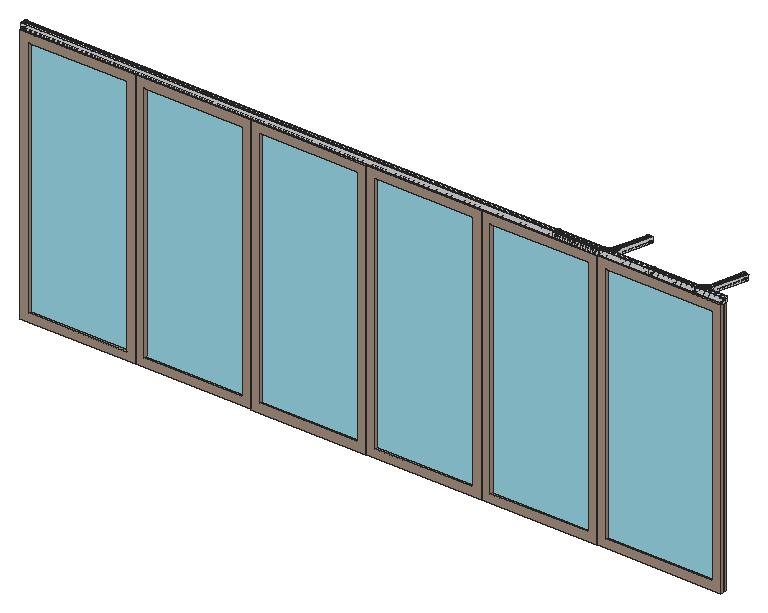
Revit family "RAYDOOR-SSPA5PV1", category Doors, host Wall, Revit 2016
Family settings
  Host = Wall
  Always vertical = Yes
  Cut with Voids When Loaded = No
  Shared = No
  Room Calculation Point = No
Parameters (values of type "250"x95"")
  URL = "www.raydoor.com"
  Type Image = SSPAPV.jpg
  Thickness = 2 1/4"  # constant formula
  Rough Width = 1"  # constant formula
  Rough Height = (Width - 4") / 6  # 41"
  Pivot Panel 2 = Rough Height + 3 21/32"  # 44 21/32"
  Pivot Panel = Rough Height + 3"  # 44"
  Panel = Rough Height + 3/32"  # 41 3/32"
  Operation = "sliding+pivot"  # constant formula
  Model = "SSPAPV"
  Function = Interior
  Door Material = Door - Panel
  Panel Material = Glass, Cast, Gray
  Height = 95"
  Trim Projection Ext = 63/64"  # constant formula
  Typ = 3"  # constant formula
  Wall Closure = By host
  Width = 250"
  Assembly Code = "SSPA5PV1"
Reference planes (in)
  plane 1: y = 0.00227
  plane 2: z = 0
  plane 3: x = 82.5
  plane 4: x = -42.5
  plane 5: x = 207.5
  plane 6: z = 95
  plane 7: x = 204.5
  plane 8: x = 206
  plane 9: x = -41
  plane 10: x = -39.5
  plane 11: y = -1.12355
  plane 12: y = 1.12645
  plane 13: z = 92.78125
  plane 14: x = 83.71875
  plane 15: x = 82.21875
  plane 16: x = 77.71875
  plane 17: x = 79.21875
  plane 18: x = 161.34375
  plane 19: x = 162.84375
  plane 20: x = 159.84375
  plane 21: x = 120.28125
  plane 22: x = 121.78125
  plane 23: x = 118.78125
  plane 24: x = -2.90625
  plane 25: x = -1.40625
  plane 26: x = -4.40625
  plane 27: x = 38.15625
  plane 28: x = 39.65625
  plane 29: x = 36.65625
  plane 30: x = 41.15625
  plane 31: x = 42.65625
  plane 32: x = 0.09375
  plane 33: x = 1.59375
  plane 34: x = 123.28125
  plane 35: x = 124.78125
  plane 36: x = 164.34375
  plane 37: x = 165.84375
  plane 38: x = 80.71875
Forms (in)
  Extrusion 1, solid, material "Door - Panel" <- "Door Material"
    sketch origin (-58, 3.87418, 0.25) x (1, 0, 0) y (0, 0, 1)
      loop
        line (138.75, 92.53125) -> (138.75, 0.375) -> (179.75, 0.375) -> (179.75, 92.53125) -> (138.75, 92.53125)
      loop
        line (141.75, 89.53125) -> (141.75, 3.375) -> (176.75, 3.375) -> (176.75, 89.53125) -> (141.75, 89.53125)
    from 2.74773 to 4.99773
  Extrusion 2, solid, material "Glass, Cast, Gray" <- "Panel Material"
    sketch origin (-57.74997, -26.22787, 0.25) x (1, 0, 0) y (0, 0, 1)
      loop
        line (138.49997, 92.53125) -> (138.49997, 0.375) -> (179.49997, 0.375) -> (179.49997, 92.53125) -> (138.49997, 92.53125)
    from -26.35104 to -26.10268
  Extrusion 3, solid, material "UHMW, White"
    sketch origin (0, 40.4202, -9.0893) x (0, 1, 0) y (0, 0, 1)
      loop
        arc (-39.68171, 103.71529) -> (-39.61212, 103.68646) -> (-39.58329, 103.61686) r 0.09843
        line (-39.58329, 103.61686) -> (-39.58329, 102.83537)
        arc (-39.58329, 102.83537) -> (-39.61289, 102.79387) -> (-39.66373, 102.79009) r 0.06004
        line (-39.66373, 102.79009) -> (-40.08329, 102.79009)
        arc (-40.08329, 102.79009) -> (-40.09721, 102.78433) -> (-40.10297, 102.77041) r 0.01969
        line (-40.10297, 102.77041) -> (-40.10297, 102.41607) -> (-40.04392, 102.41607)
        arc (-40.04392, 102.41607) -> (-40.03, 102.42184) -> (-40.02423, 102.43576) r 0.01969
        line (-40.02423, 102.43576) -> (-40.02423, 102.63261)
        arc (-40.02423, 102.63261) -> (-40.01847, 102.64653) -> (-40.00455, 102.6523) r 0.01969
        line (-40.00455, 102.6523) -> (-39.55179, 102.6523) -> (-39.55179, 102.21922)
        arc (-39.55179, 102.21922) -> (-39.55756, 102.20531) -> (-39.57148, 102.19954) r 0.01969
        line (-39.57148, 102.19954) -> (-40.07345, 102.19954)
        arc (-40.07345, 102.19954) -> (-40.10297, 102.16017) -> (-40.07345, 102.1208) r 0.04101
        line (-40.07345, 102.1208) -> (-39.51242, 102.1208)
        arc (-39.51242, 102.1208) -> (-39.48458, 102.13233) -> (-39.47305, 102.16017) r 0.03937
        line (-39.47305, 102.16017) -> (-39.47305, 104.05943)
        arc (-39.47305, 104.05943) -> (-39.4818, 104.08055) -> (-39.50292, 104.0893) r 0.02987
        line (-39.50292, 104.0893) -> (-39.55179, 104.0893) -> (-39.55179, 103.82552) -> (-40.02423, 103.82552) -> (-40.02423, 103.91214) -> (-39.95337, 103.91214) -> (-39.95337, 103.983) -> (-40.07345, 103.983)
        arc (-40.07345, 103.983) -> (-40.09433, 103.97436) -> (-40.10297, 103.95348) r 0.02953
        line (-40.10297, 103.95348) -> (-40.10297, 103.73497)
        arc (-40.10297, 103.73497) -> (-40.09721, 103.72105) -> (-40.08329, 103.71529) r 0.01969
        line (-40.08329, 103.71529) -> (-39.68171, 103.71529)
      loop
        line (-39.55967, 104.0893) -> (-41.2762, 104.0893) -> (-41.2762, 103.99088) -> (-41.20534, 103.99088) -> (-41.20534, 103.89998) -> (-41.2762, 103.89998) -> (-41.2762, 103.84127) -> (-40.81951, 103.84127) -> (-40.81951, 103.89998) -> (-40.89038, 103.89998) -> (-40.89038, 103.99088) -> (-40.75555, 103.99088)
        arc (-40.75555, 103.99088) -> (-40.73784, 103.98498) -> (-40.72721, 103.96964) r 0.02953
        line (-40.72721, 103.96964) -> (-40.70559, 103.89245) -> (-40.13028, 103.89245) -> (-40.10866, 103.96964)
        arc (-40.10866, 103.96964) -> (-40.09803, 103.98498) -> (-40.08032, 103.99088) r 0.02953
        line (-40.08032, 103.99088) -> (-39.94549, 103.99088) -> (-39.94549, 103.89998) -> (-40.01636, 103.89998) -> (-40.01636, 103.84127) -> (-39.55967, 103.84127) -> (-39.55967, 103.89998) -> (-39.63053, 103.89998) -> (-39.63053, 103.99088) -> (-39.55967, 103.99088) -> (-39.55967, 104.0893)
      loop
        line (-41.15416, 103.71529) -> (-40.75258, 103.71529)
        arc (-40.75258, 103.71529) -> (-40.73866, 103.72105) -> (-40.7329, 103.73497) r 0.01969
        line (-40.7329, 103.73497) -> (-40.7329, 103.95348)
        arc (-40.7329, 103.95348) -> (-40.74154, 103.97436) -> (-40.76242, 103.983) r 0.02953
        line (-40.76242, 103.983) -> (-40.8825, 103.983) -> (-40.8825, 103.91214) -> (-40.81164, 103.91214) -> (-40.81164, 103.82552) -> (-41.28408, 103.82552) -> (-41.28408, 104.0893) -> (-41.33295, 104.0893)
        arc (-41.33295, 104.0893) -> (-41.35407, 104.08055) -> (-41.36282, 104.05943) r 0.02987
        line (-41.36282, 104.05943) -> (-41.36282, 102.16017)
        arc (-41.36282, 102.16017) -> (-41.35129, 102.13233) -> (-41.32345, 102.1208) r 0.03937
        line (-41.32345, 102.1208) -> (-40.76242, 102.1208)
        arc (-40.76242, 102.1208) -> (-40.7329, 102.16017) -> (-40.76242, 102.19954) r 0.04101
        line (-40.76242, 102.19954) -> (-41.26439, 102.19954)
        arc (-41.26439, 102.19954) -> (-41.27831, 102.20531) -> (-41.28408, 102.21922) r 0.01969
        line (-41.28408, 102.21922) -> (-41.28408, 102.6523) -> (-40.83132, 102.6523)
        arc (-40.83132, 102.6523) -> (-40.8174, 102.64653) -> (-40.81164, 102.63261) r 0.01969
        line (-40.81164, 102.63261) -> (-40.81164, 102.43576)
        arc (-40.81164, 102.43576) -> (-40.80587, 102.42184) -> (-40.79195, 102.41607) r 0.01969
        line (-40.79195, 102.41607) -> (-40.7329, 102.41607) -> (-40.7329, 102.77041)
        arc (-40.7329, 102.77041) -> (-40.73866, 102.78433) -> (-40.75258, 102.79009) r 0.01969
        line (-40.75258, 102.79009) -> (-41.17214, 102.79009)
        arc (-41.17214, 102.79009) -> (-41.22298, 102.79387) -> (-41.25258, 102.83537) r 0.06004
        line (-41.25258, 102.83537) -> (-41.25258, 103.61686)
        arc (-41.25258, 103.61686) -> (-41.22375, 103.68646) -> (-41.15416, 103.71529) r 0.09843
    from -42.5 to 207.5
  Extrusion 4, solid, material "UHMW, White"
    sketch origin (-92.86615, -11.16274, 94.125) x (0, -1, 0) y (1, 0, 0)
      loop
        circle (-11.16501, 176.86615) r 0.125
    from -1.34375 to 0.875
  Extrusion 5, void
    sketch origin (-195.25, -5.58383, 0.25) x (1, 0, 0) y (0, 0, 1)
      loop
        line (152.75, -0.25) -> (402.75, -0.25) -> (402.75, 94.75) -> (152.75, 94.75) -> (152.75, -0.25)
    from -8.08609 to -3.08609
  Extrusion 6, solid, material "Door - Panel" <- "Door Material"
    sketch origin (-99, 3.87418, 0.25) x (1, 0, 0) y (0, 0, 1)
      loop
        line (138.6875, 92.53125) -> (138.6875, 0.375) -> (179.6875, 0.375) -> (179.6875, 92.53125) -> (138.6875, 92.53125)
      loop
        line (141.6875, 89.53125) -> (141.6875, 3.375) -> (176.6875, 3.375) -> (176.6875, 89.53125) -> (141.6875, 89.53125)
    from 2.74773 to 4.99773
  Extrusion 7, solid, material "Glass, Cast, Gray" <- "Panel Material"
    sketch origin (-98.84169, -25.60041, 0.25) x (1, 0, 0) y (0, 0, 1)
      loop
        line (138.52919, 92.53125) -> (138.52919, 0.375) -> (179.52919, 0.375) -> (179.52919, 92.53125) -> (138.52919, 92.53125)
    from -25.72358 to -25.47522
  Extrusion 8, solid, material "UHMW, White"
    sketch origin (-95.86615, -11.16274, 94.125) x (0, -1, 0) y (1, 0, 0)
      loop
        circle (-11.16501, 175.0849) r 0.125
    from -1.34375 to 0.875
  Sweep 9, solid, material "UHMW, White"
    path origin (0, 0, 0) x (1, 0, 0) y (0, 1, 0)
      loop
        line (168.84375, 14.31395) -> (165.7338, 2.70745)
        arc (165.7338, 2.70745) -> (164.88553, 1.43793) -> (163.43973, 0.94715) r 2.375
        line (163.43973, 0.94715) -> (147.10062, 0.94715)
    profile origin (155.27017, 0.94715, 0) x (0, -1, 0) y (0, 0, 1)
      loop
        line (0.11024, 93.74606) -> (0.11024, 94.52756)
        arc (0.11024, 94.52756) -> (0.13906, 94.59716) -> (0.20866, 94.62598) r 0.09843
        line (0.20866, 94.62598) -> (0.61024, 94.62598)
        arc (0.61024, 94.62598) -> (0.62415, 94.63175) -> (0.62992, 94.64567) r 0.01969
        line (0.62992, 94.64567) -> (0.62992, 94.86417)
        arc (0.62992, 94.86417) -> (0.62127, 94.88505) -> (0.60039, 94.8937) r 0.02953
        line (0.60039, 94.8937) -> (0.48031, 94.8937) -> (0.48031, 94.82283) -> (0.55118, 94.82283) -> (0.55118, 94.73622) -> (0.07874, 94.73622) -> (0.07874, 95) -> (0.02987, 95)
        arc (0.02987, 95) -> (0.00875, 94.99125) -> (0, 94.97013) r 0.02987
        line (0, 94.97013) -> (0, 93.07087)
        arc (0, 93.07087) -> (0.01153, 93.04303) -> (0.03937, 93.0315) r 0.03937
        line (0.03937, 93.0315) -> (0.60039, 93.0315)
        arc (0.60039, 93.0315) -> (0.62992, 93.07087) -> (0.60039, 93.11024) r 0.04101
        line (0.60039, 93.11024) -> (0.09842, 93.11024)
        arc (0.09842, 93.11024) -> (0.0845, 93.116) -> (0.07874, 93.12992) r 0.01969
        line (0.07874, 93.12992) -> (0.07874, 93.56299) -> (0.5315, 93.56299)
        arc (0.5315, 93.56299) -> (0.54541, 93.55723) -> (0.55118, 93.54331) r 0.01969
        line (0.55118, 93.54331) -> (0.55118, 93.34646)
        arc (0.55118, 93.34646) -> (0.55695, 93.33254) -> (0.57087, 93.32677) r 0.01969
        line (0.57087, 93.32677) -> (0.62992, 93.32677) -> (0.62992, 93.6811)
        arc (0.62992, 93.6811) -> (0.62415, 93.69502) -> (0.61024, 93.70079) r 0.01969
        line (0.61024, 93.70079) -> (0.19067, 93.70079)
        arc (0.19067, 93.70079) -> (0.13984, 93.70457) -> (0.11024, 93.74606) r 0.06004
      loop
        line (1.77953, 94.52756) -> (1.77953, 93.74606)
        arc (1.77953, 93.74606) -> (1.74992, 93.70457) -> (1.69909, 93.70079) r 0.06004
        line (1.69909, 93.70079) -> (1.27953, 93.70079)
        arc (1.27953, 93.70079) -> (1.26561, 93.69502) -> (1.25984, 93.6811) r 0.01969
        line (1.25984, 93.6811) -> (1.25984, 93.32677) -> (1.3189, 93.32677)
        arc (1.3189, 93.32677) -> (1.33282, 93.33254) -> (1.33858, 93.34646) r 0.01969
        line (1.33858, 93.34646) -> (1.33858, 93.54331)
        arc (1.33858, 93.54331) -> (1.34435, 93.55723) -> (1.35827, 93.56299) r 0.01969
        line (1.35827, 93.56299) -> (1.81102, 93.56299) -> (1.81102, 93.12992)
        arc (1.81102, 93.12992) -> (1.80526, 93.116) -> (1.79134, 93.11024) r 0.01969
        line (1.79134, 93.11024) -> (1.28937, 93.11024)
        arc (1.28937, 93.11024) -> (1.25984, 93.07087) -> (1.28937, 93.0315) r 0.04101
        line (1.28937, 93.0315) -> (1.85039, 93.0315)
        arc (1.85039, 93.0315) -> (1.87823, 93.04303) -> (1.88976, 93.07087) r 0.03937
        line (1.88976, 93.07087) -> (1.88976, 94.97013)
        arc (1.88976, 94.97013) -> (1.88102, 94.99125) -> (1.85989, 95) r 0.02987
        line (1.85989, 95) -> (1.81102, 95) -> (1.81102, 94.73622) -> (1.33858, 94.73622) -> (1.33858, 94.82283) -> (1.40945, 94.82283) -> (1.40945, 94.8937) -> (1.28937, 94.8937)
        arc (1.28937, 94.8937) -> (1.26849, 94.88505) -> (1.25984, 94.86417) r 0.02953
        line (1.25984, 94.86417) -> (1.25984, 94.64567)
        arc (1.25984, 94.64567) -> (1.26561, 94.63175) -> (1.27953, 94.62598) r 0.01969
        line (1.27953, 94.62598) -> (1.6811, 94.62598)
        arc (1.6811, 94.62598) -> (1.7507, 94.59716) -> (1.77953, 94.52756) r 0.09843
      loop
        line (0.65723, 94.80315) -> (1.23253, 94.80315) -> (1.25416, 94.88034)
        arc (1.25416, 94.88034) -> (1.26479, 94.89568) -> (1.2825, 94.90157) r 0.02953
        line (1.2825, 94.90157) -> (1.41732, 94.90157) -> (1.41732, 94.81067) -> (1.34646, 94.81067) -> (1.34646, 94.75197) -> (1.80315, 94.75197) -> (1.80315, 94.81067) -> (1.73228, 94.81067) -> (1.73228, 94.90157) -> (1.80315, 94.90157) -> (1.80315, 95) -> (0.08661, 95) -> (0.08661, 94.90157) -> (0.15748, 94.90157) -> (0.15748, 94.81067) -> (0.08661, 94.81067) -> (0.08661, 94.75197) -> (0.54331, 94.75197) -> (0.54331, 94.81067) -> (0.47244, 94.81067) -> (0.47244, 94.90157) -> (0.60726, 94.90157)
        arc (0.60726, 94.90157) -> (0.62497, 94.89568) -> (0.6356, 94.88034) r 0.02953
        line (0.6356, 94.88034) -> (0.65723, 94.80315)
  Extrusion 10, solid, material "UHMW, White"
    sketch origin (-133.71465, -11.16274, 94.125) x (0, -1, 0) y (1, 0, 0)
      loop
        circle (-11.16501, 174.8709) r 0.125
    from -1.34375 to 0.875
  Extrusion 11, solid, material "UHMW, White"
    sketch origin (-54.96465, -11.16274, 94.125) x (0, -1, 0) y (1, 0, 0)
      loop
        circle (-11.16501, 175.2459) r 0.125
    from -1.34375 to 0.875
  Extrusion 12, solid, material "Door - Panel" <- "Door Material"
    sketch origin (-156, 3.87418, 0.25) x (1, 0, 0) y (0, 0, 1)
      loop
        line (154.625, 92.53125) -> (154.625, 0.375) -> (195.625, 0.375) -> (195.625, 92.53125) -> (154.625, 92.53125)
      loop
        line (157.625, 89.53125) -> (157.625, 3.375) -> (192.625, 3.375) -> (192.625, 89.53125) -> (157.625, 89.53125)
    from 2.74773 to 4.99773
  Extrusion 13, solid, material "Glass, Cast, Gray" <- "Panel Material"
    sketch origin (-155.84169, -25.60041, 0.25) x (1, 0, 0) y (0, 0, 1)
      loop
        line (154.46669, 92.53125) -> (154.46669, 0.375) -> (195.46669, 0.375) -> (195.46669, 92.53125) -> (154.46669, 92.53125)
    from -25.72358 to -25.47522
  Extrusion 14, solid, material "UHMW, White"
    sketch origin (-137.03282, -11.16274, 94.125) x (0, -1, 0) y (1, 0, 0)
      loop
        circle (-11.16501, 175.18907) r 0.125
    from -1.34375 to 0.875
  Extrusion 15, solid, material "UHMW, White"
    sketch origin (-174.88132, -11.16274, 94.125) x (0, -1, 0) y (1, 0, 0)
      loop
        circle (-11.16501, 174.97507) r 0.125
    from -1.34375 to 0.875
  Extrusion 16, solid, material "Door - Panel" <- "Door Material"
    sketch origin (-282, 3.87418, 0.25) x (1, 0, 0) y (0, 0, 1)
      loop
        line (239.5625, 92.53125) -> (239.5625, 0.375) -> (280.5625, 0.375) -> (280.5625, 92.53125) -> (239.5625, 92.53125)
      loop
        line (242.5625, 89.53125) -> (242.5625, 3.375) -> (277.5625, 3.375) -> (277.5625, 89.53125) -> (242.5625, 89.53125)
    from 2.74773 to 4.99773
  Extrusion 17, solid, material "Glass, Cast, Gray" <- "Panel Material"
    sketch origin (-281.84169, -25.60041, 0.25) x (1, 0, 0) y (0, 0, 1)
      loop
        line (239.40419, 92.53125) -> (239.40419, 0.375) -> (280.40419, 0.375) -> (280.40419, 92.53125) -> (239.40419, 92.53125)
    from -25.72358 to -25.47522
  Extrusion 18, solid, material "UHMW, White"
    sketch origin (-178.19949, -11.16274, 94.125) x (0, -1, 0) y (1, 0, 0)
      loop
        circle (-11.16501, 175.29324) r 0.125
    from -1.34375 to 0.875
  Extrusion 19, solid, material "UHMW, White"
    sketch origin (27.63385, -11.16274, 94.125) x (0, -1, 0) y (1, 0, 0)
      loop
        circle (-11.16501, 178.36615) r 0.125
    from -1.34375 to 0.875
  Extrusion 20, solid, material "UHMW, White"
    sketch origin (-13.53282, -11.16274, 94.125) x (0, -1, 0) y (1, 0, 0)
      loop
        circle (-11.16501, 174.87657) r 0.125
    from -1.34375 to 0.875
  Extrusion 21, solid, material "UHMW, White"
    sketch origin (-51.38132, -11.16274, 94.125) x (0, -1, 0) y (1, 0, 0)
      loop
        circle (-11.16501, 174.66257) r 0.125
    from -1.34375 to 0.875
  Extrusion 22, solid, material "Door - Panel" <- "Door Material"
    sketch origin (-13, 3.87418, 0.25) x (1, 0, 0) y (0, 0, 1)
      loop
        line (134.8125, 92.53125) -> (134.8125, 0.375) -> (175.8125, 0.375) -> (175.8125, 92.53125) -> (134.8125, 92.53125)
      loop
        line (137.8125, 89.53125) -> (137.8125, 3.375) -> (172.8125, 3.375) -> (172.8125, 89.53125) -> (137.8125, 89.53125)
    from 2.74773 to 4.99773
  Extrusion 23, solid, material "Glass, Cast, Gray" <- "Panel Material"
    sketch origin (-12.74997, -26.22787, 0.25) x (1, 0, 0) y (0, 0, 1)
      loop
        line (134.56247, 92.53125) -> (134.56247, 0.375) -> (175.56247, 0.375) -> (175.56247, 92.53125) -> (134.56247, 92.53125)
    from -26.35104 to -26.10268
  Extrusion 24, solid, material "Door - Panel" <- "Door Material"
    sketch origin (29, 3.87418, 0.25) x (1, 0, 0) y (0, 0, 1)
      loop
        line (134, 92.53125) -> (134, 0.375) -> (178, 0.375) -> (178, 92.53125) -> (134, 92.53125)
      loop
        line (137, 89.53125) -> (137, 3.375) -> (175, 3.375) -> (175, 89.53125) -> (137, 89.53125)
    from 2.74773 to 4.99773
  Extrusion 25, solid, material "Glass, Cast, Gray" <- "Panel Material"
    sketch origin (29.25003, -26.22787, 0.25) x (1, 0, 0) y (0, 0, 1)
      loop
        line (133.74997, 92.53125) -> (133.74997, 0.375) -> (177.74997, 0.375) -> (177.74997, 92.53125) -> (133.74997, 92.53125)
    from -26.35104 to -26.10268
  Extrusion 26, solid, material "UHMW, White"
    sketch origin (-216.2685, -11.16274, 94.125) x (0, -1, 0) y (1, 0, 0)
      loop
        circle (-11.16501, 175.2685) r 0.125
    from -1.34375 to 0.875
  Sweep 27, solid, material "UHMW, White"
    path origin (34.03125, 0, 0) x (1, 0, 0) y (0, 1, 0)
      loop
        line (168.84375, 14.31395) -> (165.7338, 2.70745)
        arc (165.7338, 2.70745) -> (164.88553, 1.43793) -> (163.43973, 0.94715) r 2.375
        line (163.43973, 0.94715) -> (147.10062, 0.94715)
    profile origin (189.30142, 0.94715, 0) x (0, -1, 0) y (0, 0, 1)
      loop
        line (0.11024, 93.74606) -> (0.11024, 94.52756)
        arc (0.11024, 94.52756) -> (0.13906, 94.59716) -> (0.20866, 94.62598) r 0.09843
        line (0.20866, 94.62598) -> (0.61024, 94.62598)
        arc (0.61024, 94.62598) -> (0.62415, 94.63175) -> (0.62992, 94.64567) r 0.01969
        line (0.62992, 94.64567) -> (0.62992, 94.86417)
        arc (0.62992, 94.86417) -> (0.62127, 94.88505) -> (0.60039, 94.8937) r 0.02953
        line (0.60039, 94.8937) -> (0.48031, 94.8937) -> (0.48031, 94.82283) -> (0.55118, 94.82283) -> (0.55118, 94.73622) -> (0.07874, 94.73622) -> (0.07874, 95) -> (0.02987, 95)
        arc (0.02987, 95) -> (0.00875, 94.99125) -> (0, 94.97013) r 0.02987
        line (0, 94.97013) -> (0, 93.07087)
        arc (0, 93.07087) -> (0.01153, 93.04303) -> (0.03937, 93.0315) r 0.03937
        line (0.03937, 93.0315) -> (0.60039, 93.0315)
        arc (0.60039, 93.0315) -> (0.62992, 93.07087) -> (0.60039, 93.11024) r 0.04101
        line (0.60039, 93.11024) -> (0.09842, 93.11024)
        arc (0.09842, 93.11024) -> (0.0845, 93.116) -> (0.07874, 93.12992) r 0.01969
        line (0.07874, 93.12992) -> (0.07874, 93.56299) -> (0.5315, 93.56299)
        arc (0.5315, 93.56299) -> (0.54541, 93.55723) -> (0.55118, 93.54331) r 0.01969
        line (0.55118, 93.54331) -> (0.55118, 93.34646)
        arc (0.55118, 93.34646) -> (0.55695, 93.33254) -> (0.57087, 93.32677) r 0.01969
        line (0.57087, 93.32677) -> (0.62992, 93.32677) -> (0.62992, 93.6811)
        arc (0.62992, 93.6811) -> (0.62415, 93.69502) -> (0.61024, 93.70079) r 0.01969
        line (0.61024, 93.70079) -> (0.19067, 93.70079)
        arc (0.19067, 93.70079) -> (0.13984, 93.70457) -> (0.11024, 93.74606) r 0.06004
      loop
        line (1.77953, 94.52756) -> (1.77953, 93.74606)
        arc (1.77953, 93.74606) -> (1.74992, 93.70457) -> (1.69909, 93.70079) r 0.06004
        line (1.69909, 93.70079) -> (1.27953, 93.70079)
        arc (1.27953, 93.70079) -> (1.26561, 93.69502) -> (1.25984, 93.6811) r 0.01969
        line (1.25984, 93.6811) -> (1.25984, 93.32677) -> (1.3189, 93.32677)
        arc (1.3189, 93.32677) -> (1.33282, 93.33254) -> (1.33858, 93.34646) r 0.01969
        line (1.33858, 93.34646) -> (1.33858, 93.54331)
        arc (1.33858, 93.54331) -> (1.34435, 93.55723) -> (1.35827, 93.56299) r 0.01969
        line (1.35827, 93.56299) -> (1.81102, 93.56299) -> (1.81102, 93.12992)
        arc (1.81102, 93.12992) -> (1.80526, 93.116) -> (1.79134, 93.11024) r 0.01969
        line (1.79134, 93.11024) -> (1.28937, 93.11024)
        arc (1.28937, 93.11024) -> (1.25984, 93.07087) -> (1.28937, 93.0315) r 0.04101
        line (1.28937, 93.0315) -> (1.85039, 93.0315)
        arc (1.85039, 93.0315) -> (1.87823, 93.04303) -> (1.88976, 93.07087) r 0.03937
        line (1.88976, 93.07087) -> (1.88976, 94.97013)
        arc (1.88976, 94.97013) -> (1.88102, 94.99125) -> (1.85989, 95) r 0.02987
        line (1.85989, 95) -> (1.81102, 95) -> (1.81102, 94.73622) -> (1.33858, 94.73622) -> (1.33858, 94.82283) -> (1.40945, 94.82283) -> (1.40945, 94.8937) -> (1.28937, 94.8937)
        arc (1.28937, 94.8937) -> (1.26849, 94.88505) -> (1.25984, 94.86417) r 0.02953
        line (1.25984, 94.86417) -> (1.25984, 94.64567)
        arc (1.25984, 94.64567) -> (1.26561, 94.63175) -> (1.27953, 94.62598) r 0.01969
        line (1.27953, 94.62598) -> (1.6811, 94.62598)
        arc (1.6811, 94.62598) -> (1.7507, 94.59716) -> (1.77953, 94.52756) r 0.09843
      loop
        line (0.65723, 94.80315) -> (1.23253, 94.80315) -> (1.25416, 94.88034)
        arc (1.25416, 94.88034) -> (1.26479, 94.89568) -> (1.2825, 94.90157) r 0.02953
        line (1.2825, 94.90157) -> (1.41732, 94.90157) -> (1.41732, 94.81067) -> (1.34646, 94.81067) -> (1.34646, 94.75197) -> (1.80315, 94.75197) -> (1.80315, 94.81067) -> (1.73228, 94.81067) -> (1.73228, 94.90157) -> (1.80315, 94.90157) -> (1.80315, 95) -> (0.08661, 95) -> (0.08661, 94.90157) -> (0.15748, 94.90157) -> (0.15748, 94.81067) -> (0.08661, 94.81067) -> (0.08661, 94.75197) -> (0.54331, 94.75197) -> (0.54331, 94.81067) -> (0.47244, 94.81067) -> (0.47244, 94.90157) -> (0.60726, 94.90157)
        arc (0.60726, 94.90157) -> (0.62497, 94.89568) -> (0.6356, 94.88034) r 0.02953
        line (0.6356, 94.88034) -> (0.65723, 94.80315)
Lines and regions (in)
  Masking region 1
    outline origin (0, 0, 0) x (1, 0, 0) y (0, 1, 0)
      loop
        line (204, 1.37645) -> (204, 3.62645) -> (163, 3.62645) -> (163, 1.37645) -> (204, 1.37645)
      loop
        line (207, 1.12645) -> (204.75, 1.12645) -> (204.75, -42.87355) -> (207, -42.87355) -> (207, 1.12645)
      loop
        line (204, 3.87645) -> (204, 6.12645) -> (163, 6.12645) -> (163, 3.87645) -> (204, 3.87645)
      loop
        line (204, 6.37645) -> (204, 8.62645) -> (163, 8.62645) -> (163, 6.37645) -> (204, 6.37645)
      loop
        line (204, 8.87645) -> (204, 11.12645) -> (163, 11.12645) -> (163, 8.87645) -> (204, 8.87645)
      loop
        line (204, 11.37645) -> (204, 13.62645) -> (163, 13.62645) -> (163, 11.37645) -> (204, 11.37645)
  model lines
    curve 1: line (-42.5, 2.50227, 0) -> (207.5, 2.50227, 0)
    curve 2: line (-42.5, -2.49773, 0) -> (207.5, -2.49773, 0)
  symbolic lines, style "Plan Swing"
    curve 3: line (96.50218, -11.05138, 0) -> (68.27125, -11.05138, 0)
    curve 4: line (68.27125, -11.05138, 0) -> (70.39258, -8.93006, 0)
    curve 5: line (96.50218, -12.57036, 0) -> (68.27125, -12.57036, 0)
    curve 6: line (94.38086, -14.69168, 0) -> (96.50218, -12.57036, 0)
    curve 14: line (57.61589, -5.49547, 37.98833) -> (61.14755, -5.49547, 41.51999)
  symbolic lines, style "Elevation Swing"
    curve 7: line (57.61589, 0, 37.98833) -> (107.40755, 0, 37.98833)
    curve 8: line (107.40755, 0, 32.79755) -> (57.61589, 0, 32.79755)
    curve 9: line (103.87202, 0, 29.26202) -> (107.40755, 0, 32.79755)
  symbolic lines, style "DoorsHiddenLines"
    curve 10: arc (207, -42.87485, 0) -> (176.35237, -31.11217, 0) -> (162.9987, -1.12355, 0) r 42.89106
    curve 11: line (202.95106, 14.29357, 0) -> (199.84111, 2.68707, 0)
    curve 12: arc (199.84111, 2.68707, 0) -> (198.96472, 1.37547, 0) -> (197.47098, 0.86841, 0) r 2.45374
    curve 15: line (168.99586, 14.27319, 0) -> (165.46993, 1.11422, 0)
  symbolic lines, style "InvisibleLines"
    curve 13: line (168.99586, 14.27319, 0) -> (170.66912, 13.82484, 0)
Text (in)
  text "Staking Area" at (209.56376, 29.89776, 0), in view "Ground floor"
Dimensions and locks (in)
  "Height": plane 6 to plane 2
  equal spacing: plane 7, plane 8, plane 5
  "Typ": plane 7 to plane 5
  "Typ": Extrusion 1 sketch curve to Extrusion 1 sketch curve  (x4)
  locked: Extrusion 2 to Extrusion 2 at 0.24836
  "Typ": plane 4 to plane 10
  "Thickness": plane 12 to plane 11
  equal spacing: plane 4, plane 9, plane 10
  locked: plane 3 to Extrusion 4 sketch curve at 1.625
  locked: plane 6 to plane 13 at 2.21875
  "Typ": plane 38 to plane 14
  equal spacing: plane 38, plane 15, plane 14
  "Typ": plane 38 to plane 16
  equal spacing: plane 38, plane 17, plane 16
  locked: Extrusion 4 sketch curve to plane 11 at 1.12582
  "Typ": Extrusion 6 sketch curve to Extrusion 6 sketch curve  (x4)
  locked: Extrusion 7 to Extrusion 7 at 0.24836
  "Typ": plane 20 to plane 19
  equal spacing: plane 20, plane 18, plane 19
  "Typ": plane 23 to plane 22
  equal spacing: plane 23, plane 21, plane 22
  "Typ": plane 26 to plane 25
  equal spacing: plane 26, plane 24, plane 25
  "Typ": plane 29 to plane 28
  equal spacing: plane 29, plane 27, plane 28
  "Typ": plane 28 to plane 31
  equal spacing: plane 28, plane 30, plane 31
  "Typ": plane 25 to plane 33
  equal spacing: plane 25, plane 32, plane 33
  "Typ": plane 22 to plane 35
  equal spacing: plane 22, plane 34, plane 35
  "Typ": plane 19 to plane 37
  equal spacing: plane 19, plane 36, plane 37
  locked: Masking region 1 sketch curve to plane 5 at 3.5
  "Rough Height": Masking region 1 sketch curve to Masking region 1 sketch curve
  "Thickness": Masking region 1 sketch curve to Masking region 1 sketch curve  (x6)
  locked: Extrusion 10 sketch curve to plane 30 at 0.125
  locked: Extrusion 11 sketch curve to plane 21 at 0.125
  "Typ": Extrusion 12 sketch curve to Extrusion 12 sketch curve  (x4)
  locked: Extrusion 13 to Extrusion 13 at 0.24836
  "Typ": Extrusion 16 sketch curve to Extrusion 16 sketch curve  (x4)
  locked: Extrusion 17 to Extrusion 17 at 0.24836
  locked: Extrusion 15 sketch curve to plane 32 at 0.125
  locked: Extrusion 14 sketch curve to plane 27 at 0.125
  locked: Extrusion 18 sketch curve to plane 24 at 0.125
  locked: Extrusion 21 sketch curve to plane 34 at 0.125
  "Typ": Extrusion 22 sketch curve to Extrusion 22 sketch curve  (x4)
  locked: Extrusion 23 to Extrusion 23 at 0.24836
  "Typ": Extrusion 24 sketch curve to Extrusion 24 sketch curve  (x4)
  locked: Extrusion 25 to Extrusion 25 at 0.24836
  "Width": plane 4 to plane 5
  Extrusion 16 to level = 5/8"
  Extrusion 3 to plane 6 = 1.9685"
  Extrusion 3 to Extrusion 3 = 1.88976"
  plane 13 to Extrusion 3 = 0.25025"
  plane 13 to plane 6 = 2 7/32"
  locked: plane 4 to Extrusion 16 sketch curve at 0.0625
  locked: Extrusion 24 sketch curve to plane 5 at 0.5
  locked: plane 19 to Extrusion 24 sketch curve at 0.15625
  locked: Extrusion 22 sketch curve to plane 19 at 0.03125
  locked: plane 22 to Extrusion 22 sketch curve at 0.03125
  locked: Extrusion 1 sketch curve to plane 22 at 0.03125
  locked: plane 38 to Extrusion 6 sketch curve at 0.03125
  locked: plane 28 to Extrusion 6 sketch curve at 0.03125
  locked: plane 25 to Extrusion 12 sketch curve at 0.03125
  locked: Extrusion 12 sketch curve to plane 28 at 0.03125
  "Pivot Panel": Masking region 1 sketch curve to Masking region 1 sketch curve
  equal spacing: plane 4, plane 3, plane 5
  locked: Masking region 1 sketch curve to plane 12 at 0.25
  locked: Masking region 1 sketch curve to Masking region 1 sketch curve at 0.25  (x4)
  locked: Extrusion 26 sketch curve to host wall at 0.125
  locked: plane 9 to Extrusion 26 sketch curve at 0.125
  locked: Sweep 9 sketch curve to plane 5 at 38.65625
  locked: Sweep 9 sketch curve to plane 12 at 13.1875
  locked: plane 12 to Sweep 27 sketch curve at 0.1793
  locked: Sweep 27 sketch curve to plane 5 at 4.625
  locked: Sweep 27 sketch curve to plane 12 at 13.1875
  locked: Extrusion 1 sketch curve to plane 38 at 0.03125
  "Panel": plane 4 to plane 25
  "Pivot Panel 2": plane 19 to plane 5
  equal spacing: plane 25, plane 28, plane 38, plane 22, plane 19
  diameter of Extrusion 4 sketch curve = 1/4"
  diameter of Extrusion 8 sketch curve = 1/4"
  radius of Sweep 9 sketch curve = 2 3/8"
  radius of Sweep 27 sketch curve = 2 3/8"
  locked: Sweep 9 sketch curve to Sweep 9 sketch curve (angle 105.00°)
  locked: Sweep 27 sketch curve to Sweep 27 sketch curve (angle 105.00°)
  aligned and locked: plane 5 to curve 1
  aligned and locked: Extrusion 1 to Extrusion 2
  aligned and locked: plane 4 to Extrusion 5
  aligned and locked: host wall to Extrusion 5  (x2)
  aligned and locked: Extrusion 5 to plane 5
  aligned and locked: level to Extrusion 5
  aligned and locked: Extrusion 6 to Extrusion 7
  aligned and locked: plane 13 to Extrusion 8
  aligned and locked: Extrusion 8 to plane 6
  aligned and locked: host wall to curve 2
  aligned and locked: Extrusion 4 to plane 6
  aligned and locked: plane 13 to Extrusion 4
  aligned and locked: Extrusion 6 to Extrusion 7 sketch curve
  aligned and locked: Extrusion 1 to Extrusion 2 sketch curve
  aligned and locked: plane 6 to Extrusion 3 sketch curve
  aligned and locked: plane 4 to Extrusion 3
  aligned and locked: Extrusion 3 to plane 5
  aligned and locked: plane 13 to Extrusion 10
  aligned and locked: Extrusion 10 to plane 6
  aligned and locked: plane 13 to Extrusion 11
  aligned and locked: Extrusion 11 to plane 6
  aligned and locked: Extrusion 12 to Extrusion 13
  aligned and locked: Extrusion 12 to Extrusion 13 sketch curve
  aligned and locked: Extrusion 16 to Extrusion 17
  aligned and locked: Extrusion 16 to Extrusion 17 sketch curve
  aligned and locked: Extrusion 12 to plane 13
  aligned and locked: plane 13 to Extrusion 15
  aligned and locked: Extrusion 15 to plane 6
  aligned and locked: Extrusion 14 to plane 6
  aligned and locked: plane 13 to Extrusion 14
  aligned and locked: plane 13 to Extrusion 18
  aligned and locked: Extrusion 18 to plane 6
  aligned and locked: Extrusion 16 to plane 13
  aligned and locked: Extrusion 21 to plane 6
  aligned and locked: plane 13 to Extrusion 21
  aligned and locked: Extrusion 20 to plane 6
  aligned and locked: Extrusion 19 to plane 6
  aligned and locked: plane 13 to Extrusion 19
  aligned and locked: plane 13 to Extrusion 20
  aligned and locked: Extrusion 22 to Extrusion 23
  aligned and locked: Extrusion 22 to Extrusion 23 sketch curve
  aligned and locked: Extrusion 24 to Extrusion 25
  aligned and locked: Extrusion 24 to Extrusion 25 sketch curve
  aligned and locked: Extrusion 22 to plane 13
  aligned and locked: Sweep 9 sketch curve to plane 6
  aligned and locked: Extrusion 23 to Extrusion 22  (x2)
  aligned and locked: Extrusion 7 to Extrusion 6  (x2)
  aligned and locked: Extrusion 13 to Extrusion 12  (x2)
  aligned and locked: Extrusion 17 to Extrusion 16  (x2)
  aligned and locked: Extrusion 2 to Extrusion 1  (x2)
  aligned and locked: Masking region 1 to Extrusion 24
  aligned and locked: Masking region 1 sketch curve to Extrusion 24
  aligned and locked: Masking region 1 sketch curve to Masking region 1 sketch curve  (x7)
  aligned and locked: plane 13 to Extrusion 26
  aligned and locked: Extrusion 26 to plane 6
  aligned and locked: Sweep 27 sketch curve to plane 6
  aligned and locked: curve 15 to Sweep 9
  aligned and locked: Sweep 9 to curve 13
Automatic sketch dimensions
  host wall to Extrusion 8 sketch curve = 0"
  Extrusion 8 sketch curve to plane 17 = 0"
  Sweep 9 sketch curve to plane 12 = 0.1793"
  host wall to Extrusion 10 sketch curve = 0"
  Extrusion 10 sketch curve to plane 30 = 0"
  host wall to Extrusion 11 sketch curve = 0"
  Extrusion 11 sketch curve to plane 21 = 0"
  host wall to Extrusion 14 sketch curve = 0"
  Extrusion 14 sketch curve to plane 27 = 0"
  host wall to Extrusion 15 sketch curve = 0"
  Extrusion 15 sketch curve to plane 32 = 0"
  host wall to Extrusion 18 sketch curve = 0"
  Extrusion 18 sketch curve to plane 24 = 0"
  host wall to Extrusion 19 sketch curve = 0"
  Extrusion 19 sketch curve to plane 8 = 0"
  host wall to Extrusion 20 sketch curve = 0"
  Extrusion 20 sketch curve to plane 18 = 0"
  host wall to Extrusion 21 sketch curve = 0"
  Extrusion 21 sketch curve to plane 34 = 0"
  host wall to Extrusion 26 sketch curve = 0"
  curve 1 to level = 0"
  plane 4 to curve 1 = 0"
  Extrusion 1 sketch curve to plane 13 = 0"
  level to Extrusion 1 sketch curve = 3 5/8"
  Extrusion 2 sketch curve to plane 13 = 0"
  plane 38 to Extrusion 2 sketch curve = 1/32"
  plane 22 to Extrusion 2 sketch curve = 1/32"
  plane 6 to Extrusion 3 sketch curve = 0"  (x2)
  plane 6 to Extrusion 3 sketch curve = 0.02987"
  plane 11 to Extrusion 3 sketch curve = 0.18094"
  Extrusion 3 sketch curve to Extrusion 3 sketch curve = 0.03937"  (x6)
  Extrusion 3 sketch curve to Extrusion 3 sketch curve = 0.04887"  (x2)
  plane 11 to Extrusion 3 sketch curve = 0.25968"
  Extrusion 3 sketch curve to Extrusion 3 sketch curve = 0.00787"  (x7)
  Extrusion 3 sketch curve to Extrusion 3 sketch curve = 0.01969"  (x6)
  Extrusion 3 sketch curve to Extrusion 3 sketch curve = 0.0315"
  Extrusion 3 sketch curve to Extrusion 3 sketch curve = 0.07087"  (x5)
  Extrusion 3 sketch curve to Extrusion 3 sketch curve = 0.05905"
  Extrusion 3 sketch curve to Extrusion 3 sketch curve = 0.02138"  (x2)
  Extrusion 3 sketch curve to Extrusion 3 sketch curve = 0.09843"  (x2)
  Extrusion 3 sketch curve to Extrusion 3 sketch curve = 0.31496"
  Extrusion 3 sketch curve to Extrusion 3 sketch curve = 0.34082"  (x2)
  Extrusion 3 sketch curve to Extrusion 3 sketch curve = 0.01804"
  Extrusion 3 sketch curve to Extrusion 3 sketch curve = 0.04921"  (x2)
  Extrusion 3 sketch curve to Extrusion 3 sketch curve = 0.01148"  (x2)
  Extrusion 3 sketch curve to Extrusion 3 sketch curve = 0.00687"  (x2)
  Extrusion 3 sketch curve to Extrusion 3 sketch curve = 0.07874"
  Extrusion 3 sketch curve to Extrusion 3 sketch curve = 0.05906"  (x5)
  Extrusion 3 sketch curve to Extrusion 3 sketch curve = 0.02266"  (x2)
  plane 6 to Extrusion 3 sketch curve = 0.11966"  (x2)
  Extrusion 3 sketch curve to Extrusion 3 sketch curve = 0.00568"  (x2)
  Extrusion 3 sketch curve to Extrusion 3 sketch curve = 0.02731"
  Extrusion 3 sketch curve to host wall = 0.28765"
  Extrusion 3 sketch curve to Extrusion 3 sketch curve = 0.02162"
  Extrusion 3 sketch curve to host wall = 0.31496"
  Extrusion 3 sketch curve to Extrusion 3 sketch curve = 0.02953"
  Extrusion 3 sketch curve to Extrusion 3 sketch curve = 0.26378"
  plane 6 to Extrusion 3 sketch curve = 0.09843"
  Extrusion 3 sketch curve to Extrusion 3 sketch curve = 0.05118"
  Extrusion 3 sketch curve to plane 12 = 0.27772"
  Extrusion 3 sketch curve to Extrusion 3 sketch curve = 0.11193"
  Extrusion 3 sketch curve to Extrusion 3 sketch curve = 0.00829"  (x2)
  Extrusion 3 sketch curve to Extrusion 3 sketch curve = 0.01616"  (x2)
  Extrusion 3 sketch curve to Extrusion 3 sketch curve = 0.04134"  (x2)
  Extrusion 3 sketch curve to Extrusion 3 sketch curve = 0.01216"  (x2)
  Extrusion 3 sketch curve to Extrusion 3 sketch curve = 0.0909"
  plane 6 to Extrusion 3 sketch curve = 0.18933"
  Extrusion 3 sketch curve to Extrusion 3 sketch curve = 0.06102"
  Extrusion 3 sketch curve to Extrusion 3 sketch curve = 0.05871"  (x2)
  Extrusion 3 sketch curve to Extrusion 3 sketch curve = 0.01575"  (x2)
  Extrusion 3 sketch curve to Extrusion 3 sketch curve = 0.09055"  (x2)
  Extrusion 3 sketch curve to Extrusion 3 sketch curve = 0.77067"  (x2)
  Extrusion 3 sketch curve to Extrusion 3 sketch curve = 0.01083"  (x2)
  Extrusion 3 sketch curve to Extrusion 3 sketch curve = 0.1378"  (x2)
  Extrusion 3 sketch curve to Extrusion 3 sketch curve = 0.19685"  (x2)
  Extrusion 3 sketch curve to plane 13 = 0.34867"  (x2)
  Extrusion 3 sketch curve to Extrusion 3 sketch curve = 0.06855"
  plane 4 to Extrusion 5 sketch curve = 0"
  plane 5 to Extrusion 5 sketch curve = 0"
  Extrusion 5 sketch curve to level = 0"
  Extrusion 5 sketch curve to plane 6 = 0"
  Extrusion 6 sketch curve to plane 13 = 0"
  level to Extrusion 6 sketch curve = 3 5/8"
  Extrusion 7 sketch curve to plane 13 = 0"
  Extrusion 7 sketch curve to plane 28 = 1/32"
  Extrusion 7 sketch curve to plane 38 = 1/32"
  curve 2 to level = 0"
  plane 5 to curve 2 = 0"
  plane 4 to curve 2 = 0"
  profile plane to Sweep 9 sketch curve = 0"
  Sweep 9 sketch curve to profile plane = 0.02987"
  Sweep 9 sketch curve to profile plane = 0.03937"
  Sweep 9 sketch curve to Sweep 9 sketch curve = 0.04887"  (x2)
  Sweep 9 sketch curve to profile plane = 0.07874"
  Sweep 9 sketch curve to Sweep 9 sketch curve = 0.00787"  (x8)
  Sweep 9 sketch curve to profile plane = 0.08661"
  Sweep 9 sketch curve to Sweep 9 sketch curve = 0.01969"  (x9)
  Sweep 9 sketch curve to profile plane = 0.11024"
  Sweep 9 sketch curve to Sweep 9 sketch curve = 0.07087"  (x4)
  Sweep 9 sketch curve to Sweep 9 sketch curve = 0.05905"  (x2)
  Sweep 9 sketch curve to Sweep 9 sketch curve = 0.02138"  (x2)
  Sweep 9 sketch curve to Sweep 9 sketch curve = 0.09843"  (x3)
  Sweep 9 sketch curve to Sweep 9 sketch curve = 0.31496"
  Sweep 9 sketch curve to Sweep 9 sketch curve = 0.34082"  (x2)
  Sweep 9 sketch curve to Sweep 9 sketch curve = 0.06299"  (x2)
  Sweep 9 sketch curve to Sweep 9 sketch curve = 0.01804"
  Sweep 9 sketch curve to Sweep 9 sketch curve = 0.01148"  (x3)
  Sweep 9 sketch curve to Sweep 9 sketch curve = 0.04921"
  Sweep 9 sketch curve to Sweep 9 sketch curve = 0.00687"  (x2)
  Sweep 9 sketch curve to Sweep 9 sketch curve = 0.07874"
  Sweep 9 sketch curve to Sweep 9 sketch curve = 0.05906"  (x5)
  Sweep 9 sketch curve to Sweep 9 sketch curve = 0.00568"
  Sweep 9 sketch curve to Sweep 9 sketch curve = 0.02731"  (x2)
  Sweep 9 sketch curve to Sweep 9 sketch curve = 0.57531"
  Sweep 9 sketch curve to Sweep 9 sketch curve = 0.02162"
  Sweep 9 sketch curve to Sweep 9 sketch curve = 0.62992"
  Sweep 9 sketch curve to Sweep 9 sketch curve = 0.02834"
  Sweep 9 sketch curve to Sweep 9 sketch curve = 0.02953"
  Sweep 9 sketch curve to Sweep 9 sketch curve = 0"  (x2)
  Sweep 9 sketch curve to Sweep 9 sketch curve = 0.26378"
  Sweep 9 sketch curve to Sweep 9 sketch curve = 0.05118"
  Sweep 9 sketch curve to Sweep 9 sketch curve = 0.49049"
  Sweep 9 sketch curve to Sweep 9 sketch curve = 0.11193"
  Sweep 9 sketch curve to Sweep 9 sketch curve = 0.02987"  (x3)
  Sweep 9 sketch curve to Sweep 9 sketch curve = 0.06855"
  Sweep 9 sketch curve to Sweep 9 sketch curve = 0.01616"  (x2)
  Sweep 9 sketch curve to Sweep 9 sketch curve = 0.04134"
  Sweep 9 sketch curve to Sweep 9 sketch curve = 0.01216"  (x2)
  Sweep 9 sketch curve to Sweep 9 sketch curve = 0.0909"  (x2)
  Sweep 9 sketch curve to Sweep 9 sketch curve = 0.06102"
  Sweep 9 sketch curve to Sweep 9 sketch curve = 0.05871"  (x2)
  Sweep 9 sketch curve to Sweep 9 sketch curve = 0.01575"  (x2)
  Sweep 9 sketch curve to Sweep 9 sketch curve = 0.09055"  (x2)
  Sweep 9 sketch curve to Sweep 9 sketch curve = 0.77067"  (x2)
  Sweep 9 sketch curve to Sweep 9 sketch curve = 0.01083"  (x2)
  Sweep 9 sketch curve to Sweep 9 sketch curve = 0.1378"  (x2)
  Sweep 9 sketch curve to Sweep 9 sketch curve = 0.19685"  (x2)
  Sweep 9 sketch curve to Sweep 9 sketch curve = 0.43307"  (x2)
  Sweep 9 sketch curve to Sweep 9 sketch curve = 0.03937"
  Extrusion 12 sketch curve to plane 13 = 0"
  level to Extrusion 12 sketch curve = 3 5/8"
  Extrusion 13 sketch curve to plane 13 = 0"
  Extrusion 13 sketch curve to plane 25 = 1/32"
  plane 28 to Extrusion 13 sketch curve = 1/32"
  Extrusion 16 sketch curve to plane 13 = 0"
  Extrusion 16 sketch curve to plane 26 = 1/32"
  level to Extrusion 16 sketch curve = 3 5/8"
  Extrusion 17 sketch curve to plane 13 = 0"
  Extrusion 17 sketch curve to plane 4 = 1/16"
  plane 25 to Extrusion 17 sketch curve = 1/32"
  Extrusion 22 sketch curve to plane 13 = 0"
  level to Extrusion 22 sketch curve = 3 5/8"
  Extrusion 23 sketch curve to plane 13 = 0"
  Extrusion 23 sketch curve to plane 22 = 1/32"
  plane 19 to Extrusion 23 sketch curve = 1/32"
  Extrusion 24 sketch curve to plane 13 = 0"
  level to Extrusion 24 sketch curve = 3 5/8"
  Extrusion 25 sketch curve to plane 13 = 0"
  Extrusion 25 sketch curve to plane 19 = 5/32"
  plane 5 to Extrusion 25 sketch curve = 1/2"
  profile plane to Sweep 27 sketch curve = 0"
  Sweep 27 sketch curve to profile plane = 0.02987"
  Sweep 27 sketch curve to profile plane = 0.03937"
  Sweep 27 sketch curve to Sweep 27 sketch curve = 0.04887"  (x2)
  Sweep 27 sketch curve to profile plane = 0.07874"
  Sweep 27 sketch curve to Sweep 27 sketch curve = 0.00787"  (x8)
  Sweep 27 sketch curve to profile plane = 0.08661"
  Sweep 27 sketch curve to Sweep 27 sketch curve = 0.01969"  (x9)
  Sweep 27 sketch curve to profile plane = 0.11024"
  Sweep 27 sketch curve to Sweep 27 sketch curve = 0.07087"  (x4)
  Sweep 27 sketch curve to Sweep 27 sketch curve = 0.05905"  (x2)
  Sweep 27 sketch curve to Sweep 27 sketch curve = 0.02138"  (x2)
  Sweep 27 sketch curve to Sweep 27 sketch curve = 0.09843"  (x3)
  Sweep 27 sketch curve to Sweep 27 sketch curve = 0.31496"
  Sweep 27 sketch curve to Sweep 27 sketch curve = 0.34082"  (x2)
  Sweep 27 sketch curve to Sweep 27 sketch curve = 0.06299"  (x2)
  Sweep 27 sketch curve to Sweep 27 sketch curve = 0.01804"
  Sweep 27 sketch curve to Sweep 27 sketch curve = 0.01148"  (x3)
  Sweep 27 sketch curve to Sweep 27 sketch curve = 0.04921"
  Sweep 27 sketch curve to Sweep 27 sketch curve = 0.00687"  (x2)
  Sweep 27 sketch curve to Sweep 27 sketch curve = 0.07874"
  Sweep 27 sketch curve to Sweep 27 sketch curve = 0.05906"  (x5)
  Sweep 27 sketch curve to Sweep 27 sketch curve = 0.00568"
  Sweep 27 sketch curve to Sweep 27 sketch curve = 0.02731"  (x2)
  Sweep 27 sketch curve to Sweep 27 sketch curve = 0.57531"
  Sweep 27 sketch curve to Sweep 27 sketch curve = 0.02162"
  Sweep 27 sketch curve to Sweep 27 sketch curve = 0.62992"
  Sweep 27 sketch curve to Sweep 27 sketch curve = 0.02834"
  Sweep 27 sketch curve to Sweep 27 sketch curve = 0.02953"
  Sweep 27 sketch curve to Sweep 27 sketch curve = 0"  (x2)
  Sweep 27 sketch curve to Sweep 27 sketch curve = 0.26378"
  Sweep 27 sketch curve to Sweep 27 sketch curve = 0.05118"
  Sweep 27 sketch curve to Sweep 27 sketch curve = 0.49049"
  Sweep 27 sketch curve to Sweep 27 sketch curve = 0.11193"
  Sweep 27 sketch curve to Sweep 27 sketch curve = 0.02987"  (x3)
  Sweep 27 sketch curve to Sweep 27 sketch curve = 0.06855"
  Sweep 27 sketch curve to Sweep 27 sketch curve = 0.01616"  (x2)
  Sweep 27 sketch curve to Sweep 27 sketch curve = 0.04134"
  Sweep 27 sketch curve to Sweep 27 sketch curve = 0.01216"  (x2)
  Sweep 27 sketch curve to Sweep 27 sketch curve = 0.0909"  (x2)
  Sweep 27 sketch curve to Sweep 27 sketch curve = 0.06102"
  Sweep 27 sketch curve to Sweep 27 sketch curve = 0.05871"  (x2)
  Sweep 27 sketch curve to Sweep 27 sketch curve = 0.01575"  (x2)
  Sweep 27 sketch curve to Sweep 27 sketch curve = 0.09055"  (x2)
  Sweep 27 sketch curve to Sweep 27 sketch curve = 0.77067"  (x2)
  Sweep 27 sketch curve to Sweep 27 sketch curve = 0.01083"  (x2)
  Sweep 27 sketch curve to Sweep 27 sketch curve = 0.1378"  (x2)
  Sweep 27 sketch curve to Sweep 27 sketch curve = 0.19685"  (x2)
  Sweep 27 sketch curve to Sweep 27 sketch curve = 0.43307"  (x2)
  Sweep 27 sketch curve to Sweep 27 sketch curve = 0.03937"
  Masking region 1 sketch curve to Masking region 1 sketch curve = 0"
  Masking region 1 sketch curve to plane 7 = 1/4"
  curve 9 to plane 23 = 11.3737"
  level to curve 9 = 32.79755"
  curve 7 to curve 8 = 5.19077"
  curve 8 to curve 9 = 3.53553"
  curve 9 to curve 8 = 3.53553"
  curve 7 to curve 8 = 0"  (x2)
  curve 14 to plane 31 = 14.95964"
  level to curve 14 = 37.98833"
  curve 14 to curve 14 = 3.53166"  (x2)
  curve 7 to plane 31 = 14.95964"
  curve 10 to plane 11 = 0"
  curve 15 to plane 12 = 0.01223"
  curve 3 to plane 16 = 9.4475"
  curve 5 to plane 14 = 12.78343"
  host wall to curve 12 = 0.81988"
  plane 7 to curve 12 = 7.02902"
  host wall to curve 11 = 0.18481"
  curve 12 to curve 11 = 2.37013"
  host wall to curve 10 = 0.00082"
  plane 8 to curve 10 = 1/8"
  host wall to curve 3 = 8.55364"
  curve 6 to curve 3 = 1.51898"
  curve 5 to curve 3 = 0"
  curve 3 to curve 4 = 2.12132"  (x2)
  curve 6 to curve 5 = 2.12132"  (x2)
  curve 3 to curve 5 = 0"
  curve 10 to plane 19 = 0.15495"
  plane 7 to curve 11 = 1.54894"
  plane 5 to curve 10 = 1/2"
  host wall to curve 11 = 11.7913"
  curve 13 to curve 13 = 1.67326"
  radius of Extrusion 19 sketch curve = 1/8"
  radius of Extrusion 20 sketch curve = 1/8"
